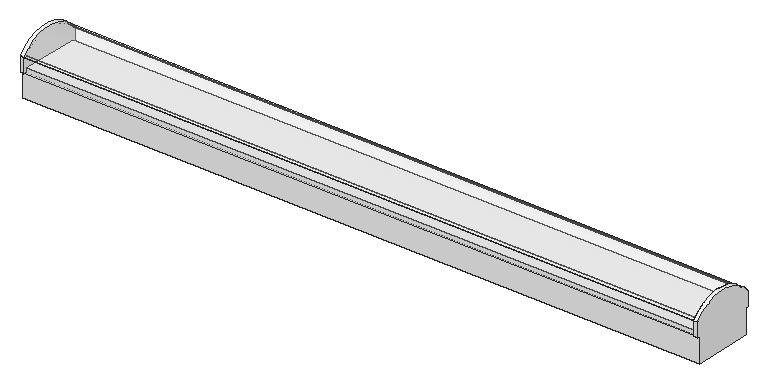
Revit family "LCL", category Lighting Fixtures, host Face, Revit 2021
Family settings
  Host = Face
  Round Connector Dimension = Use Diameter
  Part Type = Normal
  OmniClass Number = 23.80.70.11
  OmniClass Title = Luminaries for Internal Lighting
  Cut with Voids When Loaded = No
  Light Source = Yes
  Shared = No
  Room Calculation Point = No
Parameters (values of type "LCL4-40VL-EDU")
  Lumen Output = "Very High Lumen"
  Wattage = 96 W
  built-in parameter 1150110 = 1 (stored number, unit not read)
  Voltage = 120 V
  Wattage Comments = "Up to 110 lumens per watt"
  URL = "https://www.currentlighting.com/columbia"
  built-in parameter 1114217 = 1 (stored number, unit not read)
  Tilt Angle = -90.00°
  built-in parameter 1150109 = 1 (stored number, unit not read)
  built-in parameter 1150134 = 12
  built-in parameter 1150113 = 1 (stored number, unit not read)
  Product Page URL = ""
  Product Documentation Link = ""
  Photometric Web File = "LCL4-40VL-EDU.ies"
  Nominal Watts = 96 W
  Model = "LCL"  # constant formula
  Manufacturer = "Columbia Lighting"  # constant formula
  Row Length = 48"
  built-in parameter 1150105 = 802.14 (stored number, unit not read)
  Lumens = 10080 lm
  built-in parameter 1150115 = 1 (stored number, unit not read)
  built-in parameter 1150137 = (empty or 0)
  built-in parameter 1150139 = (empty or 0)
  built-in parameter 1150112 = 1 (stored number, unit not read)
  built-in parameter 1150114 = 1 (stored number, unit not read)
  Lamp = "LED Lamp"
  built-in parameter 1150132 = (empty or 0)
  built-in parameter 1150102 = (empty or 0)
  built-in parameter 1150107 = 4000 (stored number, unit not read)
  built-in parameter 1150138 = (empty or 0)
  built-in parameter 1150106 = 8.0214 (stored number, unit not read)
  Glass = White Glass
  Emit from Rectangle Width = 4 1/8"  # constant formula
  Emit from Rectangle Length = Row Length - 1/2"  # 47 1/2"
  Emit Shape Visible in Rendering = no
  built-in parameter 1150104 = 9.7548 (stored number, unit not read)
  Dimming Lamp Color Temperature Shift = <None>
  Description = "Columbia's LCL is an LED striplight with a formed acrylic lens to eliminate pixilation and reduce glare."  # constant formula
  Default Elevation = 48"
  Color Filter = 16777215
  built-in parameter 1114218 = 1 (stored number, unit not read)
  Backbox = White
  built-in parameter 1150133 = 10 (stored number, unit not read)
  Apparent Load = 0 VA
Types (3): name | Lumen Output | Wattage | URL | Product Page URL | Product Documentation Link | Photometric Web File | Nominal Watts | built-in parameter 1150105 | Lumens | built-in parameter 1150106 | built-in parameter 1150104
  (no name) | "Very High Lumen" | 96 W | "https://www.currentlighting.com/columbia" | "" | "" | "LCL4-40VL-EDU.ies" | 96 W | 802.14 (stored number, unit not read) | 10080 lm | 8.0214 (stored number, unit not read) | 9.7548 (stored number, unit not read)
  LCL4-40ML-EDU | "Medium Lumen" | 48 W | "http://www.columbialighting.com/" | "http://www.columbialighting.com/products/lcl/" | "http://www.columbialighting.com/content/products/specs/specs_files/lcl.pdf" | "LCL4-40ML-EDU.ies" | 48 W | 397.25 (stored number, unit not read) | 4992 lm | 3.9725 (stored number, unit not read) | 9.6619 (stored number, unit not read)
  LCL4-40VL-EDU | "Very High Lumen" | 96 W | "https://www.currentlighting.com/columbia" | "" | "" | "LCL4-40VL-EDU.ies" | 96 W | 802.14 (stored number, unit not read) | 10080 lm | 8.0214 (stored number, unit not read) | 9.7548 (stored number, unit not read)
Reference planes (in)
  plane 1 "Center (Front/Back)": y = 0.03999
  plane 2: z = 0
  plane 3 "Center (Left/Right)": x = 1.66944
  plane 4: x = -22.33056
  plane 5: x = 25.66944
Dimensions and locks (in)
  equal spacing: plane 5, plane 3 "Center (Left/Right)", plane 4
  "Row Length": plane 5 to plane 4
  aligned and locked: plane 2 to host face
  aligned and locked: level to host face
  aligned and locked: plane 3 "Center (Left/Right)" to imposter light
  aligned and locked: imposter light to plane 1 "Center (Front/Back)"
  aligned and locked: plane 3 "Center (Left/Right)" to nested 1
  aligned and locked: plane 1 "Center (Front/Back)" to nested 1
Automatic sketch dimensions
  host sketch curve to host sketch curve = 96"  (x2)
Nested families (in)
  nested 1: "LED Striplight" at (3.71711, 0, 0), Glass <- "Glass", Backbox <- "Backbox", Row Length <- "Row Length", type "LED Striplight"
    with Row Length 48", Glass White Glass, Backbox White
Connectors (in)
  electrical at (1.66944, 0.03999, 0), driven by "Apparent Load", driven by "Voltage"
    settings: on nested 1, index 1, voltage 120 V, apparent load 0 VA, apparent load phase1 0 VA, apparent load phase2 0 VA, apparent load phase3 0 VA, power factor 0.9, load classification "Other", number of poles 1, system type 30, power factor state 1, is connector primary yes, connector utility no, sub classification motor no, connector description "Lighting Connector"
Definition of nested family "LED Striplight"
  Parameters
    Wattage Comments = ""
    URL = ""
    Row Length [instance] = 96"
    Product Page URL = ""
    Product Documentation Link = ""
    Model = ""
    Manufacturer Phone = "(864)-678-1000"  # constant formula
    Manufacturer Fax = "(866)-898-1065"  # constant formula
    Manufacturer = ""
    Lamp = ""
    Glass [instance] = none
    Description = ""
    Default Elevation = 48"
    Backbox [instance] = none
  Reference planes (in)
    plane 1 "Center (Front/Back)": y = 0.03999
    plane 2: z = 0
    plane 3 "Center (Left/Right)": x = -2.04767
    plane 4: x = -50.04767
    plane 5: x = 45.95233
    plane 6: x = -49.79767
    plane 7: x = 45.70233
    plane 8: z = 3.8125
    plane 9: y = 2.10249
    plane 10: y = -2.02251
    plane 11: y = 2.28999
    plane 12: y = -2.21001
    plane 13: z = 1.75
    plane 14: z = 2
  Forms (in)
    Extrusion 1, solid
      sketch origin (0, 0, 0.06357) x (1, 0, 0) y (0, 1, 0)
        loop
          line (-48, 48) -> (-48, -48) -> (48, -48) -> (48, 48) -> (-48, 48)
      from -0.06357 to -17.74365
    Extrusion 2, solid, material <- "Backbox"
      sketch origin (-2.04767, 0, 0) x (0, 1, 0) y (0, 0, 1)
        loop
          line (2.28999, 1.75) -> (2.28999, 2.75)
          arc (2.28999, 2.75) -> (0.03999, 3.8125) -> (-2.21001, 2.75) r 2.9136
          line (-2.21001, 2.75) -> (-2.21001, 1.75) -> (-2.02251, 1.75) -> (-2.02251, 0) -> (2.10249, 0) -> (2.10249, 1.75) -> (2.28999, 1.75)
      from 47.75 to 48
    Extrusion 3, solid, material <- "Backbox"
      sketch origin (-2.04767, 0, 0) x (0, 1, 0) y (0, 0, 1)
        loop
          line (-2.21001, 2.75) -> (-2.21001, 1.75) -> (-2.02251, 1.75) -> (-2.02251, 0) -> (2.10249, 0) -> (2.10249, 1.75) -> (2.28999, 1.75) -> (2.28999, 2.75)
          arc (2.28999, 2.75) -> (0.03999, 3.8125) -> (-2.21001, 2.75) r 2.9136
      from -48 to -47.75
    Extrusion 4, solid, material <- "Backbox"
      sketch origin (-2.04767, 0, 0) x (0, 1, 0) y (0, 0, 1)
        loop
          line (2.10249, 2) -> (-2.02251, 2) -> (-2.02251, 0) -> (2.10249, 0) -> (2.10249, 2)
      from -47.75 to 47.75
    Extrusion 5, solid, material <- "Glass"
      sketch origin (-2.04767, 0, 0) x (0, 1, 0) y (0, 0, 1)
        loop
          line (2.10249, 1.75) -> (2.28999, 1.75) -> (2.28999, 2.75)
          arc (2.28999, 2.75) -> (0.03999, 3.8125) -> (-2.21001, 2.75) r 2.9136
          line (-2.21001, 2.75) -> (-2.21001, 1.75) -> (-2.02251, 1.75) -> (-2.02251, 2.81265)
          arc (-2.02251, 2.81265) -> (0.03999, 3.7125) -> (2.10249, 2.81265) r 2.8136
          line (2.10249, 2.81265) -> (2.10249, 1.75)
      from -47.75 to 47.75
  Cuts and joins
    joined: Extrusion 2, Extrusion 3, Extrusion 4
  Dimensions and locks (in)
    equal spacing: plane 5, plane 3 "Center (Left/Right)", plane 4
    locked: plane 6 to plane 4 at 0.25
    "Row Length": plane 5 to plane 4
    equal spacing: plane 7, plane 3 "Center (Left/Right)", plane 6
    locked: plane 8 to plane 2 at 3.8125
    equal spacing: plane 9, plane 1 "Center (Front/Back)", plane 10
    locked: plane 9 to plane 10 at 4.125
    equal spacing: plane 11, plane 1 "Center (Front/Back)", plane 12
    plane 11 to plane 12 = 4 1/2"
    locked: plane 11 to plane 1 "Center (Front/Back)" at 2.25
    locked: plane 13 to plane 2 at 1.75
    locked: plane 14 to plane 2 at 2
    locked: Extrusion 2 sketch curve to Extrusion 1 at 2.75  (x2)
    radius of Extrusion 5 sketch curve = 2.8136"
    aligned and locked: plane 2 to Extrusion 1
    aligned and locked: level to Extrusion 1
    aligned and locked: Extrusion 2 sketch curve to plane 2
    aligned and locked: Extrusion 2 sketch curve to plane 9
    aligned and locked: Extrusion 2 sketch curve to plane 13  (x2)
    aligned and locked: Extrusion 2 sketch curve to plane 11
    aligned and locked: plane 12 to Extrusion 2 sketch curve
    aligned and locked: plane 10 to Extrusion 2 sketch curve
    aligned and locked: plane 5 to Extrusion 2
    aligned and locked: Extrusion 2 to plane 7
    aligned and locked: Extrusion 3 sketch curve to Extrusion 2  (x8)
    aligned and locked: Extrusion 3 to plane 4
    aligned and locked: plane 6 to Extrusion 3
    aligned and locked: plane 14 to Extrusion 4 sketch curve
    aligned and locked: Extrusion 4 sketch curve to plane 9
    aligned and locked: Extrusion 4 sketch curve to Extrusion 2  (x2)
    aligned and locked: Extrusion 4 to plane 6
    aligned and locked: plane 7 to Extrusion 4
    aligned and locked: Extrusion 5 sketch curve to Extrusion 3
    aligned and locked: plane 7 to Extrusion 5
    aligned and locked: Extrusion 5 to plane 6
  Automatic sketch dimensions
    Extrusion 1 sketch curve to Extrusion 1 sketch curve = 96"  (x2)
    Extrusion 2 sketch curve to plane 13 = 0.8511"
    Extrusion 5 sketch curve to plane 9 = 0"
    Extrusion 5 sketch curve to plane 13 = 0"  (x2)
    Extrusion 5 sketch curve to plane 12 = 0"
    Extrusion 5 sketch curve to plane 11 = 0"
    Extrusion 5 sketch curve to plane 10 = 0"
    Extrusion 5 sketch curve to Extrusion 5 sketch curve = 0"  (x2)
